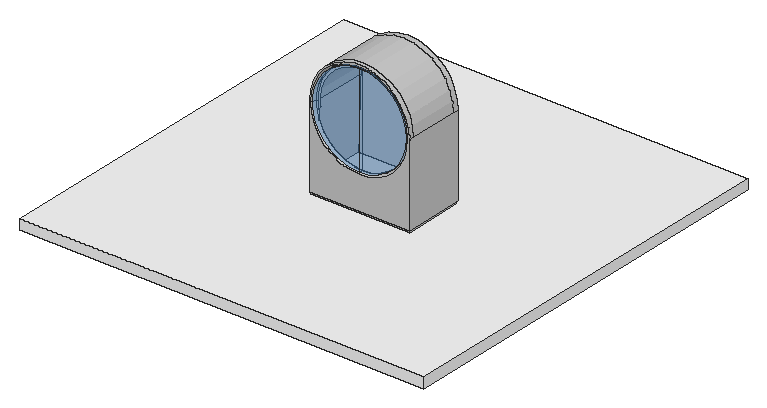
Revit family "BE_33223_de_DE", category Leuchten, Revit 2020
Family settings
  Basisbauteil = Fläche
  Bemaßung runder Anschluss = Durchmesser verwenden
  Teiletyp = Normal
  Beim Laden mit Abzugskörper schneiden = Ja
  Lichtquelle = Ja
  Gemeinsam genutzt = Nein
  Raumberechnungspunkt = Ja
Parameters (values of type "BEGA_33223_Silber_K3")
  built-in parameter 1150104 = 10.839 (stored number, unit not read)
  Wattage = 4.2 W
  Default Elevation = 0 mm
  built-in parameter 1150113 = 1 (stored number, unit not read)
  built-in parameter 1114218 = 1 (stored number, unit not read)
  Umgebungstemperatur = "25 °C"
  URL = "https://www.bega.com/de/produkt/33223"
  Typenkommentare = "© 2022 BEGA. Wir behalten uns das Recht vor, technische Änderungen ohne vorherige Ankündigung vorzunehmen."  # constant formula
  Type Image = 33223.png
  built-in parameter 1150134 = (empty or 0)
  built-in parameter 1150109 = 1 (stored number, unit not read)
  Strom = ""
  built-in parameter 1150110 = 1 (stored number, unit not read)
  Spannung = 239.996 V
  Sonderanfertigung = no
  Seriennummer [instance] = "Hier können Sie die eindeutige Seriennummer für das Facility Management eintragen."
  Schutzklasse = "I"
  Schutzart = "IP 65"
  Scheinlast = 0 VA
  Produktdatenblatt = "https://cdn.bega.com/bega/products/33223AK3/current/documents/data-sheets/de"
  Oberflächentemperatur = ""
  Neigungswinkel = 0.00°
  Modell = "33223AK3"
  Material_10 = BEGA_Glas_matt
  Material_06 = BEGA_Oberfläche_Edelstahl_gebürstet
  Material_02 = BEGA_Oberfläche_Silber_matt
  Material_01 [instance] = BEGA_Oberfläche_Grafit_matt
  M_W = no
  M_G = no
  M_A = yes
  Logo = 0
  built-in parameter 1114217 = 1 (stored number, unit not read)
  built-in parameter 1150139 = (empty or 0)
  built-in parameter 1150105 = 38.994 (stored number, unit not read)
  built-in parameter 1150114 = 1 (stored number, unit not read)
  Lumens = 490.014 lm
  built-in parameter 1150115 = 1 (stored number, unit not read)
  Leuchtenlichtstrom = "365 lm"
  Leuchtenanzahl = ""
  Lebensdauerkriterien = "L70B50 @ 25 °C = 200000 h"
  Lastklassifizierung = Beleuchtung
  built-in parameter 1150112 = 1 (stored number, unit not read)
  Lampenlichtstrom = "550 lm"
  Lampe = "LED 3 W"
  LED_Modulbezeichnung = "LED-0291/830"
  built-in parameter 1150142 = (empty or 0)
  Hersteller = "BEGA"  # constant formula
  Halbstreuwinkel = ""
  Gewicht = "0.75 kg"
  Gebrauchslageneinschränkung [instance] = ""
  Frequenz = "0/50-60 Hz"
  Farbwiedergabeindex = "CRI > 80"
  Farbtemperaturverschiebung bei Dämpfen der Lampe = <Keine Auswahl>
  Farbtemperatur = "3000 K"
  Color Filter = 16777215
  built-in parameter 1150133 = 10 (stored number, unit not read)
  Energieeffizienzklasse = "LED A++ - A"
  built-in parameter 1150137 = (empty or 0)
  built-in parameter 1150132 = (empty or 0)
  ENEC = "ja"
  Datei für fotometrisches Netz = "BE_33223K3.IES"
  CE_Konformität = "ja"
  Bestellnummer = "33223AK3"
  Beschreibung_Sonderanfertigung = "Hier können Sie Informationen zur Sonderanfertigung eintragen."
  Beschreibung = "Wandleuchte"
  built-in parameter 1150106 = 0.38994 (stored number, unit not read)
  Befestigungsbohrung = "Ø 5,5 mm"
  Befestigungsabstand = "82 mm"
  Ballwurfsicher = ""
  BEGA_Intern_aus = yes
  BEGA_Intern_an = yes
  BEGA_Intern_Konstruktion = yes
  BEGA_Intern = yes
  BEGA_IES = yes
  BEGA_Dummy = no
  Anschlussleitung = ""
  Anschlussleistung [instance] = "4.1 W"
  built-in parameter 1150107 = 3000 (stored number, unit not read)
  built-in parameter 1150102 = (empty or 0)
  built-in parameter 1150138 = (empty or 0)
  Aktualisierung = "2022-05-18T04:00:07"
  Abstand_zur_angestrahlten_Fläche [instance] = ""
  AC/DC = "AC/DC"
Types (2, lengths in mm): name | Modell | M_G | M_A | Bestellnummer
  BEGA_33223_Silber_K3 | "33223AK3" | no | yes | "33223AK3"
  BEGA_33223_Grafit_K3 | "33223K3" | yes | no | "33223K3"
Reference planes
  plane 1 "Mitte (Vorne/Hinten)": y = 0
  plane 2: z = 0
  plane 3 "Mitte (Links/Rechts)": x = 0
  plane 4 "Links": x = -49.476
  plane 5 "Rechts": x = 49.476
  plane 6 "Unten": y = -30
  plane 7 "Oben": y = 30
  plane 8 "Vorne": z = 131.646
Forms (mm)
  Extrusion 1, solid, material "BEGA_Platte_Weiss"
    sketch origin (0, -1119.2, 0) x (1, 0, 0) y (0, 1, 0)
      loop
        line (-200, 1319.2) -> (-200, 919.2) -> (200, 919.2) -> (200, 1319.2) -> (-200, 1319.2)
    from 0 to -10
  Extrusion 2, solid, material "BEGA_Dummy_matt", visible <- "BEGA_Dummy"
    sketch origin (80.095, -76.023, 0) x (1, 0, 0) y (0, 1, 0)
      loop
        line (-129.572, 106.023) -> (-129.572, 46.023) -> (-30.619, 46.023) -> (-30.619, 106.023) -> (-129.572, 106.023)
    from 0 to 131.646
Dimensions and locks
  plane 1 "Mitte (Vorne/Hinten)" to Extrusion 1 = 200 mm
  aligned and locked: plane 2 to Extrusion 1
  aligned and locked: level to Extrusion 1
Nested families
  nested 1: "BE_33223" at (0, 0, 0), type "BE_33223"
Connectors
  electrical at (0, 0, 0), driven by "Lastklassifizierung", driven by "Spannung", driven by "Scheinlast"
    settings: index 1, voltage 239.996 V, apparent load 0 VA, apparent load phase1 0 VA, apparent load phase2 0 VA, apparent load phase3 0 VA, power factor 1, load classification "Beleuchtung", number of poles 1, system type 31, power factor state 1, is connector primary yes, connector utility no, sub classification motor no, connector description ""
Definition of nested family "BE_33223"
  Parameters (values of type "BE_33223")
    Default Elevation = 1 mm
    URL = "http://www.bega.de/de/produkt"
    Type Comments = "© 2015 BEGA. Wir behalten uns das Recht vor, technische Änderungen ohne vorherige Ankündigung vorzunehmen. "  # constant formula
    Type Image = (empty or 0)
    Material_17 = none
    Material_15 = none
    Material_11 = none
    Material_10 = none
    Material_09 = none
    Material_06 = none
    Material_03 = none
    Material_02 = none
    Material_01 = none
    M_W = yes
    M_G = yes
    M_A = yes
    Länge_Platte = 200 mm  # constant formula
    Höhe_Platte = -10 mm  # constant formula
    Manufacturer = "BEGA"  # constant formula
    Breite_Platte = 150 mm  # constant formula
  Reference planes
    plane 1 "Mitte (Oben/Unten)": y = 0
    plane 2: z = 0
    plane 3 "Mitte (Links/Rechts)": x = 0
    plane 4 "Vorne": z = 131.646
    plane 5 "Links": x = -49.476
    plane 6 "Oben": y = 30
    plane 7: x = 49.476
    plane 8: y = -30
  Forms (mm)
    Extrusion 1, solid, detail levels medium
      sketch origin (0, 0, 0) x (1, 0, 0) y (0, 1, 0)
        loop
          line (-100, 75) -> (-100, -75) -> (100, -75) -> (100, 75) -> (-100, 75)
      from 0 to -10 <- "Höhe_Platte"
    Extrusion 2, solid, material <- "Material_01", visible <- "M_G", detail levels medium+fine
      sketch origin (0, 0, 0) x (1, 0, 0) y (0, 0, 1)
        loop
          arc (49.476, 82.2) -> (0, 131.676) -> (-49.476, 82.2) r 49.476
          line (-49.476, 82.2) -> (-49.476, 2.2) -> (-45.692, 2.2) -> (-43.005, 84.995)
          arc (-43.005, 84.995) -> (0, 125.296) -> (43.005, 84.995) r 43.096
          line (43.005, 84.995) -> (45.692, 2.2) -> (49.476, 2.2) -> (49.476, 82.2)
      from -24.801 to 25.593
    Extrusion 3, solid, material <- "Material_01", visible <- "M_G", detail levels medium+fine
      sketch origin (0, 0, 0) x (1, 0, 0) y (0, 0, 1)
        loop
          arc (49.476, 82.2) -> (0, 131.676) -> (-49.476, 82.2) r 49.476
          line (-49.476, 82.2) -> (-49.476, 2.2) -> (49.476, 2.2) -> (49.476, 82.2)
      from 25.593 to 30
    Extrusion 4, solid, material <- "Material_01", visible <- "M_G", detail levels medium+fine
      sketch origin (0, 0, 0) x (1, 0, 0) y (0, 0, -1)
        loop
          line (49.476, -82.2) -> (49.476, -2.2) -> (-49.476, -2.2) -> (-49.476, -82.2)
          arc (-49.476, -82.2) -> (0, -131.676) -> (49.476, -82.2) r 49.476
      from 24.801 to 30
    Sweep 5, solid, material <- "Material_01", visible <- "M_G", detail levels medium+fine
      path origin (0, 0, 0) x (1, 0, 0) y (0, 1, 0)
        loop
          line (-48.953, 30) -> (-50, -30) -> (50, -30) -> (48.953, 30) -> (-48.953, 30)
      profile origin (-49.476, 0, 0) x (0.999848, -0.017452, 0) y (0, 0, 1)
        loop
          line (0.976, 2) -> (0.976, 0) -> (5.306, 0) -> (5.306, 12.5) -> (18.566, 12.5) -> (18.566, 15) -> (3.22, 15) -> (2.993, 2) -> (0.976, 2)
    Extrusion 6, solid, material <- "Material_01", visible <- "M_G", detail levels medium+fine
      sketch origin (0, 0, 0) x (1, 0, 0) y (0, 1, 0)
        loop
          line (31.107, -11.434) -> (30.708, 11.434) -> (-30.708, 11.434) -> (-31.107, -11.434) -> (31.107, -11.434)
      from 12.5 to 15
    Blend 7, void
      base sketch origin (0, 0, 0) x (1, 0, 0) y (0, 0, 1)
        loop
          circle (0, 82.2) r 46
      top sketch origin (0, 0, 0) x (1, 0, 0) y (0, 0, 1)
        loop
          circle (0, 82.2) r 48
      from 24.457 to 30
    Revolve 8, solid, material <- "Material_10", detail levels medium+fine
      sketch origin (0, 0, 0) x (0, 1, 0) y (0, 0, 1)
        loop
          line (-29.8, 128.45) -> (-29.8, 82.2) -> (-25.593, 82.2) -> (-25.593, 128.45) -> (-29.8, 128.45)
        axis (-25.593, 82.2) -> (-29.8, 82.2)
      angle from 0 to 360
    Revolve 9, solid, material <- "Material_06", detail levels fine
      sketch origin (-40, 0, 0) x (0, 1, 0) y (0, 0, 1)
        loop
          line (30.3, 10.2) -> (30.3, 12.96) -> (28.722, 12.96) -> (28.722, 10.2) -> (30.3, 10.2)
        axis (30.3, 10.2) -> (28.722, 10.2)
      angle from 0 to 360
    Revolve 10, solid, material <- "Material_06", detail levels fine
      sketch origin (40, 0, 0) x (0, 1, 0) y (0, 0, -1)
        loop
          line (30.3, -10.2) -> (28.722, -10.2) -> (28.722, -12.96) -> (30.3, -12.96) -> (30.3, -10.2)
        axis (30.3, -10.2) -> (28.722, -10.2)
      angle from 0 to 360
    Extrusion 11, void
      sketch origin (0, 0, 0) x (1, 0, 0) y (0, 1, 0)
        loop
          circle (20, 8) r 8.5
        loop
          circle (-41, 0) r 2.855
        loop
          arc (38.193, -0.38) -> (40.491, -4.193) -> (43.883, -1.31) r 2.921
          line (43.883, -1.31) -> (43.883, 0.69)
          arc (43.883, 0.69) -> (41.433, 3.573) -> (38.193, 1.62) r 2.921
          line (38.193, 1.62) -> (38.193, -0.38)
      from 6.013 to 19.555
    Sweep 12, solid, material <- "Material_02", visible <- "M_A", detail levels medium+fine
      path origin (0, 0, 0) x (1, 0, 0) y (0, 1, 0)
        loop
          line (-48.953, 30) -> (-50, -30) -> (50, -30) -> (48.953, 30) -> (-48.953, 30)
      profile origin (-49.476, 0, 0) x (0.999848, -0.017452, 0) y (0, 0, 1)
        loop
          line (0.976, 2) -> (0.976, 0) -> (5.306, 0) -> (5.306, 12.5) -> (18.566, 12.5) -> (18.566, 15) -> (3.22, 15) -> (2.993, 2) -> (0.976, 2)
    Extrusion 13, solid, material <- "Material_02", visible <- "M_A", detail levels medium+fine
      sketch origin (0, 0, 0) x (1, 0, 0) y (0, 1, 0)
        loop
          line (31.107, -11.434) -> (30.708, 11.434) -> (-30.708, 11.434) -> (-31.107, -11.434) -> (31.107, -11.434)
      from 12.5 to 15
    Extrusion 14, solid, material <- "Material_02", visible <- "M_A", detail levels medium+fine
      sketch origin (0, 0, 0) x (1, 0, 0) y (0, 0, 1)
        loop
          arc (49.476, 82.2) -> (0, 131.676) -> (-49.476, 82.2) r 49.476
          line (-49.476, 82.2) -> (-49.476, 2.2) -> (-45.692, 2.2) -> (-43.005, 84.995)
          arc (-43.005, 84.995) -> (0, 125.296) -> (43.005, 84.995) r 43.096
          line (43.005, 84.995) -> (45.692, 2.2) -> (49.476, 2.2) -> (49.476, 82.2)
      from -24.801 to 25.593
    Extrusion 15, solid, material <- "Material_02", visible <- "M_A", detail levels medium+fine
      sketch origin (0, 0, 0) x (1, 0, 0) y (0, 0, 1)
        loop
          arc (49.476, 82.2) -> (0, 131.676) -> (-49.476, 82.2) r 49.476
          line (-49.476, 82.2) -> (-49.476, 2.2) -> (49.476, 2.2) -> (49.476, 82.2)
      from 25.593 to 30
    Extrusion 16, solid, material <- "Material_02", visible <- "M_A", detail levels medium+fine
      sketch origin (0, 0, 0) x (1, 0, 0) y (0, 0, -1)
        loop
          line (49.476, -82.2) -> (49.476, -2.2) -> (-49.476, -2.2) -> (-49.476, -82.2)
          arc (-49.476, -82.2) -> (0, -131.676) -> (49.476, -82.2) r 49.476
      from 24.801 to 30
  Cuts and joins
    Blend 7, Extrusion 11 cuts Extrusion 2
    Blend 7, Extrusion 11 cuts Extrusion 3
    Blend 7, Extrusion 11 cuts Extrusion 4
    joined: Extrusion 2, Extrusion 3, Extrusion 4
    Extrusion 11 cuts Sweep 5
    Extrusion 11 cuts Extrusion 6
    joined: Sweep 5, Extrusion 6
    Extrusion 11 cuts Sweep 12
    Extrusion 11 cuts Extrusion 13
    joined: Sweep 12, Extrusion 13
    Blend 7 cuts Extrusion 14
    Blend 7 cuts Extrusion 15
    joined: Extrusion 14, Extrusion 15, Extrusion 16
  Dimensions and locks
    equal spacing: Extrusion 1 sketch curve, plane 3 "Mitte (Links/Rechts)", Extrusion 1 sketch curve
    equal spacing: Extrusion 1 sketch curve, plane 1 "Mitte (Oben/Unten)", Extrusion 1 sketch curve
    "Länge_Platte": Extrusion 1 sketch curve to Extrusion 1 sketch curve
    "Breite_Platte": Extrusion 1 sketch curve to Extrusion 1 sketch curve
    aligned and locked: Extrusion 1 to plane 2
    aligned and locked: level to Extrusion 1
  Automatic sketch dimensions
    Extrusion 2 sketch curve to Extrusion 2 sketch curve = 0 mm  (x5)
    Extrusion 2 sketch curve to plane 3 "Mitte (Links/Rechts)" = 0 mm
    Extrusion 2 sketch curve to plane 3 "Mitte (Links/Rechts)" = 43.005 mm
    level to Extrusion 2 sketch curve = 2.2 mm  (x2)
    Extrusion 2 sketch curve to plane 3 "Mitte (Links/Rechts)" = 45.692 mm
    Extrusion 2 sketch curve to Extrusion 2 sketch curve = 3.784 mm  (x2)
    plane 3 "Mitte (Links/Rechts)" to Extrusion 2 sketch curve = 43.005 mm
    plane 3 "Mitte (Links/Rechts)" to Extrusion 2 sketch curve = 45.692 mm
    level to Extrusion 2 sketch curve = 82.2 mm
    Extrusion 2 sketch curve to Extrusion 2 sketch curve = 2.795 mm  (x2)
    Extrusion 3 sketch curve to plane 3 "Mitte (Links/Rechts)" = 0 mm
    level to Extrusion 3 sketch curve = 2.2 mm
    Extrusion 3 sketch curve to plane 3 "Mitte (Links/Rechts)" = 49.476 mm
    plane 3 "Mitte (Links/Rechts)" to Extrusion 3 sketch curve = 49.476 mm
    level to Extrusion 3 sketch curve = 82.2 mm
    Extrusion 3 sketch curve to Extrusion 3 sketch curve = 0 mm  (x4)
    Extrusion 4 sketch curve to plane 3 "Mitte (Links/Rechts)" = 0 mm
    level to Extrusion 4 sketch curve = 2.2 mm
    Extrusion 4 sketch curve to plane 3 "Mitte (Links/Rechts)" = 49.476 mm
    plane 3 "Mitte (Links/Rechts)" to Extrusion 4 sketch curve = 49.476 mm
    level to Extrusion 4 sketch curve = 82.2 mm
    Extrusion 4 sketch curve to Extrusion 4 sketch curve = 0 mm  (x4)
    Sweep 5 sketch curve to plane 3 "Mitte (Links/Rechts)" = 50 mm
    Sweep 5 sketch curve to plane 3 "Mitte (Links/Rechts)" = 48.953 mm
    plane 3 "Mitte (Links/Rechts)" to Sweep 5 sketch curve = 48.953 mm
    plane 3 "Mitte (Links/Rechts)" to Sweep 5 sketch curve = 50 mm
    plane 1 "Mitte (Oben/Unten)" to Sweep 5 sketch curve = 30 mm
    Sweep 5 sketch curve to plane 1 "Mitte (Oben/Unten)" = 30 mm
    Sweep 5 sketch curve to level = 0 mm
    Sweep 5 sketch curve to profile plane = 0.976 mm
    Sweep 5 sketch curve to Sweep 5 sketch curve = 2.017 mm
    Sweep 5 sketch curve to profile plane = 3.22 mm
    Sweep 5 sketch curve to Sweep 5 sketch curve = 2.086 mm
    Sweep 5 sketch curve to Sweep 5 sketch curve = 13.26 mm
    Sweep 5 sketch curve to Sweep 5 sketch curve = 2 mm
    Sweep 5 sketch curve to Sweep 5 sketch curve = 10.5 mm
    Sweep 5 sketch curve to Sweep 5 sketch curve = 2.5 mm
    plane 1 "Mitte (Oben/Unten)" to Extrusion 6 sketch curve = 11.434 mm
    Extrusion 6 sketch curve to plane 3 "Mitte (Links/Rechts)" = 31.107 mm
    Extrusion 6 sketch curve to plane 1 "Mitte (Oben/Unten)" = 11.434 mm
    Extrusion 6 sketch curve to Extrusion 6 sketch curve = 0.399 mm  (x2)
    plane 3 "Mitte (Links/Rechts)" to Extrusion 6 sketch curve = 30.708 mm
    Blend 7 sketch curve to plane 3 "Mitte (Links/Rechts)" = 0 mm  (x2)
    level to Blend 7 sketch curve = 82.2 mm  (x2)
    plane 1 "Mitte (Oben/Unten)" to Revolve 8 sketch curve = 29.8 mm
    Revolve 8 sketch curve to Revolve 8 sketch curve = 4.207 mm
    level to Revolve 8 sketch curve = 82.2 mm
    Revolve 8 sketch curve to Revolve 8 sketch curve = 46.25 mm
    Revolve 8 sketch curve to Revolve 8 sketch curve = 0 mm  (x3)
    level to Revolve 9 sketch curve = 10.2 mm
    Revolve 9 sketch curve to plane 1 "Mitte (Oben/Unten)" = 28.722 mm
    Revolve 9 sketch curve to Revolve 9 sketch curve = 1.578 mm
    Revolve 9 sketch curve to Revolve 9 sketch curve = 2.76 mm
    Revolve 9 sketch curve to Revolve 9 sketch curve = 0 mm  (x3)
    level to Revolve 10 sketch curve = 10.2 mm
    Revolve 10 sketch curve to plane 1 "Mitte (Oben/Unten)" = 28.722 mm
    Revolve 10 sketch curve to Revolve 10 sketch curve = 1.578 mm
    Revolve 10 sketch curve to Revolve 10 sketch curve = 2.76 mm
    Revolve 10 sketch curve to Revolve 10 sketch curve = 0 mm  (x3)
    Extrusion 11 sketch curve to plane 1 "Mitte (Oben/Unten)" = 8 mm
    Extrusion 11 sketch curve to plane 3 "Mitte (Links/Rechts)" = 41 mm
    plane 3 "Mitte (Links/Rechts)" to Extrusion 11 sketch curve = 20 mm
    Extrusion 11 sketch curve to Extrusion 11 sketch curve = 2.77 mm
    Extrusion 11 sketch curve to Extrusion 11 sketch curve = 0 mm
    Extrusion 11 sketch curve to Extrusion 11 sketch curve = 2.921 mm
    Extrusion 11 sketch curve to Extrusion 11 sketch curve = 2 mm
    plane 1 "Mitte (Oben/Unten)" to Extrusion 11 sketch curve = 0.38 mm
    Extrusion 11 sketch curve to Extrusion 11 sketch curve = 18.193 mm
    Sweep 12 sketch curve to plane 3 "Mitte (Links/Rechts)" = 50 mm
    Sweep 12 sketch curve to plane 3 "Mitte (Links/Rechts)" = 48.953 mm
    plane 3 "Mitte (Links/Rechts)" to Sweep 12 sketch curve = 48.953 mm
    plane 3 "Mitte (Links/Rechts)" to Sweep 12 sketch curve = 50 mm
    plane 1 "Mitte (Oben/Unten)" to Sweep 12 sketch curve = 30 mm
    Sweep 12 sketch curve to plane 1 "Mitte (Oben/Unten)" = 30 mm
    Sweep 12 sketch curve to level = 0 mm
    Sweep 12 sketch curve to profile plane = 0.976 mm
    Sweep 12 sketch curve to Sweep 12 sketch curve = 2.017 mm
    Sweep 12 sketch curve to profile plane = 3.22 mm
    Sweep 12 sketch curve to Sweep 12 sketch curve = 2.086 mm
    Sweep 12 sketch curve to Sweep 12 sketch curve = 13.26 mm
    Sweep 12 sketch curve to Sweep 12 sketch curve = 2 mm
    Sweep 12 sketch curve to Sweep 12 sketch curve = 10.5 mm
    Sweep 12 sketch curve to Sweep 12 sketch curve = 2.5 mm
    plane 1 "Mitte (Oben/Unten)" to Extrusion 13 sketch curve = 11.434 mm
    Extrusion 13 sketch curve to plane 3 "Mitte (Links/Rechts)" = 31.107 mm
    Extrusion 13 sketch curve to plane 1 "Mitte (Oben/Unten)" = 11.434 mm
    Extrusion 13 sketch curve to Extrusion 13 sketch curve = 0.399 mm  (x2)
    plane 3 "Mitte (Links/Rechts)" to Extrusion 13 sketch curve = 30.708 mm
    Extrusion 14 sketch curve to Extrusion 14 sketch curve = 0 mm  (x5)
    Extrusion 14 sketch curve to plane 3 "Mitte (Links/Rechts)" = 0 mm
    Extrusion 14 sketch curve to plane 3 "Mitte (Links/Rechts)" = 43.005 mm
    level to Extrusion 14 sketch curve = 2.2 mm  (x2)
    Extrusion 14 sketch curve to plane 3 "Mitte (Links/Rechts)" = 45.692 mm
    Extrusion 14 sketch curve to Extrusion 14 sketch curve = 3.784 mm  (x2)
    plane 3 "Mitte (Links/Rechts)" to Extrusion 14 sketch curve = 43.005 mm
    plane 3 "Mitte (Links/Rechts)" to Extrusion 14 sketch curve = 45.692 mm
    level to Extrusion 14 sketch curve = 82.2 mm
    Extrusion 14 sketch curve to Extrusion 14 sketch curve = 2.795 mm  (x2)
    Extrusion 15 sketch curve to plane 3 "Mitte (Links/Rechts)" = 0 mm
    level to Extrusion 15 sketch curve = 2.2 mm
    Extrusion 15 sketch curve to plane 3 "Mitte (Links/Rechts)" = 49.476 mm
    plane 3 "Mitte (Links/Rechts)" to Extrusion 15 sketch curve = 49.476 mm
    level to Extrusion 15 sketch curve = 82.2 mm
    Extrusion 15 sketch curve to Extrusion 15 sketch curve = 0 mm  (x4)
    Extrusion 16 sketch curve to plane 3 "Mitte (Links/Rechts)" = 0 mm
    level to Extrusion 16 sketch curve = 2.2 mm
    Extrusion 16 sketch curve to plane 3 "Mitte (Links/Rechts)" = 49.476 mm
    plane 3 "Mitte (Links/Rechts)" to Extrusion 16 sketch curve = 49.476 mm
    level to Extrusion 16 sketch curve = 82.2 mm
    Extrusion 16 sketch curve to Extrusion 16 sketch curve = 0 mm  (x4)
    plane 1 "Mitte (Oben/Unten)" to Extrusion 11 sketch curve = 0 mm
    radius of Blend 7 sketch curve = 46 mm
    radius of Blend 7 sketch curve = 48 mm
    radius of Extrusion 11 sketch curve = 8.5 mm
    radius of Extrusion 11 sketch curve = 2.855 mm
